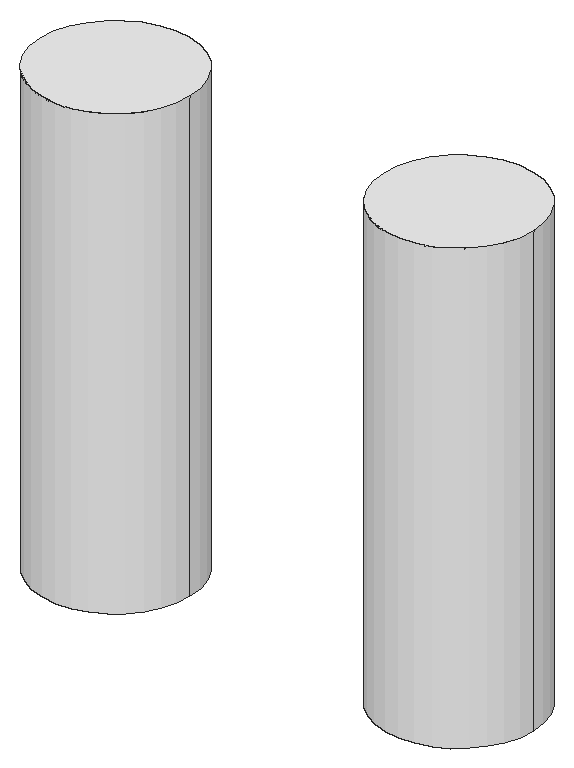
Revit family "46132009(2023)", category Plumbing Fixtures, Revit 2020
Family settings
  Round Connector Dimension = Use Diameter
  Part Type = Normal
  OmniClass Number = 23.45.55.00
  OmniClass Title = Sanitary Faucets, Wastes
  Work Plane-Based = No
  Always vertical = Yes
  Cut with Voids When Loaded = No
  Shared = No
  Room Calculation Point = No
Parameters (values of type "46132009 Kitchen faucet, 230/9 V, Bluetooth")
  Working Pressure = "50 - 1000 kPa"
  WarrantyStartDate [instance] = "n/a"
  WarrantyGuarantorParts = "n/a"
  WarrantyGuarantorLabor = "n/a"
  WarrantyDurationUnit = "Year"
  WarrantyDurationParts = "n/a"
  WarrantyDurationLabor = "n/a"
  WarrantyDescription = "http://warranty.hansa.com"
  Warranty Information URL = "http://warranty.hansa.com"
  VersionDate = "01/06/2023"
  Version = "1"
  ValvePattern = "n/a"
  ValveOperation = "n/a"
  ValveMechanism = "n/a"
  Uniclass2015Reference = "Pr_40_20_87_96"
  Uniclass2015Description = "Washbasin manual water supply sets"
  Uniclass2 = "Pr_40_30_96_96"
  URL WEEE = "http://static.hansa.com/WEEE/46132009"
  URL UWL = "http://static.hansa.com/UWL/46132009"
  URL REACH = "http://static.hansa.com/doc/reach"
  URL EcoLabel Declaration = "http://static.hansa.com/doc/EcoLabel"
  URL EU Packaging Declaration = "http://static.hansa.com/doc/packaging"
  URL Declaration of SCIP = "http://static.hansa.com/doc/SCIP"
  URL Declaration of Conformity = "http://static.hansa.com/DoC/46132009"
  URL Declaration of Asbestos = "http://static.hansa.com/doc/asbestos"
  URL Declaration Of Performance (DOP) = "http://static.hansa.com/doc/DoP"
  URL = ""
  UNSPSC Class Number = "30181700 Faucets or taps"
  TestPressure = "n/a"
  Temperature Adjustments = "Limitation option for maximum temperature and flow-rate "
  Technical DataSheet URL = "http://www.hansa.com/datasheet/46132009/en"
  TagNumber [instance] = "n/a"
  SustainabilityPerformance = "n/a"
  Surface treatment = "Chrome"
  Spout Type = "Swivel spout;Swivel range limiting option;Profile construction"
  Spout Swivel Range = "120° (80°/40°)"
  Spout Projection = "214 mm"
  Size = "55x255x185 mm"
  Shape = "Sculptured"
  SerialNumber [instance] = "n/a"
  Revision = "n/a"
  ReplacementCost = "n/a"
  Protection Class = "IP 55 / transformer IP 20"
  ProductInformation = "n/a"
  Product URL = "http://static.hansa.com/46132009"
  Product Image URL = "http://static.hansa.com/image/46132009"
  Product Family = "HANSACARE Hybrid"
  Product Code = "46132009"
  Pressure Loss With Flow 02ls = 195000.0 Pa
  OperatingMechanismMaterial = "n/a"
  Operating Voltage = 9 V
  NominalWidth = 53.956 mm
  NominalHeight = 183.495 mm
  NominalDepth = 253.96 mm
  Noise Class = "I (ISO 3822) "
  Name_en = "46132009 Kitchen faucet, 230/9 V, Bluetooth"
  Name = "46132009 Kitchen faucet, 230/9 V, Bluetooth"
  NBSReference = "45-35-70/371"
  NBSDescription = "Water supply fittings for wash basins and troughs"
  Mounting Holes = "1 hole"
  ModelReference = "46132009"
  ModelNumber = "n/a"
  Model = "46132009 Kitchen faucet, 230/9 V, Bluetooth"
  Mobile Product Information URL = "http://mpi.hansa.com/46132009"
  Mechanical Parts = "ø 40 mm ceramic cartridge for flow and temperature control"
  Max. Hot Water Supply = 70 °C
  Max Flow Period = "10 s(1 - 1800 s)"
  Material = "Brass"
  Market = "International;Germany;Austria;Switzerland;Belgium;Netherlands;Italy"
  ManufacturerURL = "http://www.hansa.com"
  ManufacturerName = "HANSA"
  Manufacturer = "HANSA"
  Long Marketing = "Care  Hybrid series is giving you a whole new modern design to fit into any kitchen. Lever can easily be moved by using the backside of the hand and with our intelligent touchless functions build into same faucet it also supports hygiene operation without any touch needed."
  Lever Handle = "Single operating lever/handle;Hot/Cold symbols"
  Interactive AR View URL = "https://static.hansa.com/AR/46132009"
  InstallationDate [instance] = "n/a"
  Installation and Maintenance Guide URL = "http://static.hansa.com/manual/46132009"
  Installation Type = "Deck mounted"
  InletConnectionSize = 10 mm
  IfcExportType = "FAUCET"  # constant formula
  IfcExportAs = "IfcValveType"  # constant formula
  Group = "Kitchen faucet"
  Grade = "n/a"
  FlowCoefficient = 0
  Flow Rate At 300kPa = 0.02 L/s
  Flow Drawing URL = "http://static.hansa.com/flowchart/46132009"
  Finish = "Polished"
  Features = "Hybrid;Bluetooth®"
  FaucetMainMaterial = Brass
  FDV Document URL = "http://www.hansa.com/datasheet/46132009/en/fdv"
  ExpectedLife = "n/a"
  Electronic Parts = ";Solenoid valve;Power supply"
  Electrical Connection = "230 / 9 V"
  ETIM Class Number = "EC011431 Kitchen mixing tap"
  EN Standard = "EN 817, EN 15091"
  EMC Directive = "2014/53/EU , 2011/65/EU"
  EAN Number = "4057304019661"
  DurationUnit = "Year"
  Dimension Drawing URL = "http://static.hansa.com/dimdrw/46132009"
  Description = ""
  DefaultElevation [instance] = 900 mm
  Default Elevation = 0 mm
  Constituents = "n/a"
  Connection Size = "G3/8"
  Connection = "Flexible inlet pipes"
  Color = "Chrome"
  CodePerformance = "n/a"
  CloseOffRating = 0
  Catalog Drawing URL = "http://static.hansa.com/catdrw/46132009"
  Brand = "HANSA"
  BodyMaterial = "Brass"
  Bluetooth = "5.x (D060576)"
  Barcode [instance] = "n/a"
  Backflow Prevention EN1717 = "AA"
  BIMObjectName = "46132009(2023)"
  Automatic Flush Period = "30 s (1-1800 s)"
  Automatic Flush Frequency = "off (off/1-120 h)"
  Author = "BIMStone"
  AssetType = "Fixed"
  AssetIdentifier [instance] = "n/a"
  Aerator = "Laminar stream"
  Advanced Features = "Inner body made of DZR brass;3S-installation system for safe and simple mounting"
  AccessibilityPerformance = "n/a"
  3D View = "https://static.hansa.com/AR/46132009"
  2D/3D/BIM Files URL = "http://static.hansa.com/bim/46132009"
Reference planes
  plane 1 "Center (Front/Back)": y = 0
  plane 2: z = 0
  plane 3 "Center (Left/Right)": x = 0
  plane 4: x = -26.978
  plane 5: z = 1083.495
  plane 6: z = 900
  plane 7: z = 870
  plane 8: y = -253.96
  plane 9: x = 26.978
Forms (mm)
  Extrusion 1, solid, material "Brass" <- "FaucetMainMaterial"
    sketch origin (0, -2.278, 0) x (1, 0, 0) y (0, 1, 0)
      loop
        circle (-11.5, -22.5) r 5
      loop
        circle (11.5, -22.5) r 5
    from 870 to 900
Dimensions and locks
  "NominalHeight": plane 5 to plane 6
  "DefaultElevation": plane 6 to level
  locked: plane 6 to plane 7 at 30
  "NominalDepth": plane 8 to plane 1 "Center (Front/Back)"
  equal spacing: plane 4, plane 3 "Center (Left/Right)", plane 9
  "NominalWidth": plane 4 to plane 9
  "InletConnectionSize": diameter of Extrusion 1 sketch curve  (x2)
  aligned and locked: level to plane 2
  aligned and locked: plane 6 to Extrusion 1
  aligned and locked: Extrusion 1 to plane 7
  aligned and locked: nested 2 to plane 6
Automatic sketch dimensions
  Extrusion 1 sketch curve to plane 3 "Center (Left/Right)" = 11.5 mm
  plane 3 "Center (Left/Right)" to Extrusion 1 sketch curve = 11.5 mm
  plane 1 "Center (Front/Back)" to Extrusion 1 sketch curve = 24.778 mm
  Extrusion 1 sketch curve to Extrusion 1 sketch curve = 0 mm
Nested families
  nested 1: "Symbol" at (0, 0, 0), type "Symbol", detail levels coarse
  nested 2: "46132009(2023)_Body" at (0, 0, 900), type "46132009(2023)_Body"
Connectors
  piping at (-11.5, -24.778, 870), diameter 10, driven by "InletConnectionSize"
    settings: on Extrusion 1, index 1, connector inside diameter 609.6 mm, connector length 0 mm, flow factor 0, pipe flow 0.2 L/s, pressure drop 0.0 Pa, fitting loss kfactor 0, connector angle 0.00°, fixture units 0, engagement length 0 mm, angle of deflection 0.00°, flow configuration 1, flow direction 1, fitting loss method 0, system type 19, joint type 0, gender type 0, connector reference index -1, connector utility 0, adjustable connector no, is connector primary yes, connector description ""
  piping at (11.5, -24.778, 870), diameter 10, driven by "InletConnectionSize"
    settings: on Extrusion 1, index 2, connector inside diameter 609.6 mm, connector length 0 mm, flow factor 0, pipe flow 0.2 L/s, pressure drop 0.0 Pa, fitting loss kfactor 0, connector angle 0.00°, fixture units 0, engagement length 0 mm, angle of deflection 0.00°, flow configuration 1, flow direction 1, fitting loss method 0, system type 20, joint type 0, gender type 0, connector reference index -1, connector utility 0, adjustable connector no, is connector primary no, connector description ""
Definition of nested family "Symbol"
  Reference planes
    plane 1: y = 0
    plane 2: x = 0
  Lines and regions (mm)
    detail lines
      curve 1: line (0, 0, 0) -> (0, -1.8, 0)
      curve 2: line (-0.4, -1.1, 0) -> (0.4, -1.1, 0)
      curve 3: line (-0.4, -1.4, 0) -> (0.4, -1.4, 0)
      curve 4: line (0.863, 0, 0) -> (-0.863, 0, 0)
      curve 5: circle (-1.163, 0, 0) r 0.3 normal (0, 0, -1)
      curve 6: circle (1.163, 0, 0) r 0.3 normal (0, 0, 1)
Definition of nested family "46132009(2023)_Body"
  Parameters (values of type "5730FZ(2023)_Body")
    Material [instance] = none
    Default Elevation = 0 mm
  Reference planes
    plane 1 "Center (Front/Back)": y = 0
    plane 2: z = 0
    plane 3 "Center (Left/Right)": x = 0
    plane 4: y = -253.96
    plane 5: z = 183.495
    plane 6: x = -26.978
    plane 7: x = 26.978
  Forms (mm)
    Extrusion 1, solid, material <- "Material", detail levels coarse
      sketch origin (0, 0, 0) x (1, 0, 0) y (0, 1, 0)
        loop
          line (-26.978, 0) -> (-26.978, -253.96) -> (26.978, -253.96) -> (26.978, 0) -> (-26.978, 0)
      from 0 to 183.495
    Revolve 2, solid, material <- "Material", detail levels medium
      sketch origin (0, 0, 0) x (0, 1, 0) y (0, 0, 1)
        loop
          line (-26.864, 0) -> (0, 0) -> (-0.372, 87.173)
          arc (-0.372, 87.173) -> (-0.769, 100.685) -> (-1.847, 114.16) r 268.569
          arc (-1.847, 114.16) -> (-3.879, 119.546) -> (-8.288, 123.248) r 11.376
          line (-8.288, 123.248) -> (-1.82, 123.248)
          arc (-1.82, 123.248) -> (-4.138, 145.857) -> (-11.634, 167.313) r 97.354
          line (-11.634, 167.313) -> (-26.864, 167.313) -> (-26.864, 0)
        axis (-26.864, 167.313) -> (-26.864, 0)
      angle from 0 to 360
    Extrusion 3, void
      sketch origin (0, 0, 0) x (0, 1, 0) y (0, 0, 1)
        loop
          arc (-24.629, 156.082) -> (-11.729, 152.07) -> (0, 145.366) r 62.175
          line (0, 145.366) -> (0, 183.495) -> (-55.928, 183.495) -> (-55.928, 160.044)
          arc (-55.928, 160.044) -> (-40.212, 158.586) -> (-24.629, 156.082) r 236.248
      from -26.978 to 26.978
    Extrusion 4, solid, material <- "Material", detail levels medium
      sketch origin (0, 0, 0) x (0, 1, 0) y (0, 0, 1)
        loop
          arc (-55.928, 160.044) -> (-80.334, 161.701) -> (-104.707, 163.786) r 1398.301
          arc (-104.707, 163.786) -> (-114.22, 165.695) -> (-123.133, 169.528) r 46.718
          arc (-123.133, 169.528) -> (-128.218, 172.581) -> (-133.108, 175.939) r 97.193
          arc (-133.108, 175.939) -> (-133.918, 176.151) -> (-134.653, 175.752) r 1.139
          line (-134.653, 175.752) -> (-135.159, 175.15)
          arc (-135.159, 175.15) -> (-135.746, 173.289) -> (-134.845, 171.558) r 2.549
          arc (-134.845, 171.558) -> (-126.657, 165.707) -> (-117.662, 161.194) r 64.826
          arc (-117.662, 161.194) -> (-113.163, 159.611) -> (-108.531, 158.475) r 48.715
          arc (-108.531, 158.475) -> (-69.508, 152.791) -> (-30.125, 150.779) r 421.461
          line (-30.125, 150.779) -> (-30.125, 157.088)
          arc (-30.125, 157.088) -> (-42.986, 158.92) -> (-55.928, 160.044) r 236.248
      from -18.979 to 19
    Extrusion 5, solid, material <- "Material", detail levels medium
      sketch origin (0, 0, 0) x (0, 1, 0) y (0, 0, 1)
        loop
          line (-200.966, 145.976) -> (-35.306, 46.437) -> (-35.306, 86.385)
          arc (-35.306, 86.385) -> (-54.335, 86.132) -> (-72.361, 92.234) r 56.294
          line (-72.361, 92.234) -> (-194.277, 165.488)
          arc (-194.277, 165.488) -> (-204.696, 171.061) -> (-215.62, 175.566) r 118.322
          line (-215.62, 175.566) -> (-245.081, 183.396)
          arc (-245.081, 183.396) -> (-247.33, 183.098) -> (-248.714, 181.3) r 2.974
          line (-248.714, 181.3) -> (-253.941, 162.039)
          arc (-253.941, 162.039) -> (-253.892, 161.658) -> (-253.588, 161.425) r 0.5
          line (-253.588, 161.425) -> (-225.567, 153.917)
          arc (-225.567, 153.917) -> (-225.188, 153.967) -> (-224.955, 154.27) r 0.5
          line (-224.955, 154.27) -> (-224.688, 155.266)
          arc (-224.688, 155.266) -> (-223.673, 156.515) -> (-222.065, 156.589) r 1.969
          arc (-222.065, 156.589) -> (-211.274, 151.762) -> (-200.966, 145.976) r 130.15
      from -15 to 15
    Extrusion 6, solid, material <- "Material", detail levels medium
      sketch origin (0, -226.526, 154.174) x (0, 0.965926, -0.258819) y (1, 0, 0)
        loop
          circle (-13.404, 0) r 12
      from 0 to 4.105
    Extrusion 7, solid, detail levels medium
      sketch origin (0, 0, 0) x (1, 0, 0) y (0, 0, 1)
        loop
          arc (-1.011, 36.649) -> (-5.356, 34.741) -> (-7.142, 30.344) r 6.307
          line (-7.142, 30.344) -> (-7.142, 17.888)
          arc (-7.142, 17.888) -> (-5.333, 13.467) -> (-0.943, 11.583) r 6.306
          line (-0.943, 11.583) -> (0.943, 11.583)
          arc (0.943, 11.583) -> (5.332, 13.468) -> (7.14, 17.888) r 6.306
          line (7.14, 17.888) -> (7.14, 30.344)
          arc (7.14, 30.344) -> (5.407, 34.791) -> (1.011, 36.649) r 6.132
          line (1.011, 36.649) -> (-1.011, 36.649)
      from 50.554 to 54.562
  Cuts and joins
    Extrusion 3 cuts Revolve 2
    joined: Revolve 2, Extrusion 4, Extrusion 5, Extrusion 6
  Lines and regions (mm)
    symbolic lines, detail levels medium+fine
      curve 1: line (0, 0, 0) -> (0, -0.372, 87.173)
      curve 2: arc (0, -0.372, 87.173) -> (0, -0.769, 100.685) -> (0, -1.847, 114.16) r 268.569
      curve 3: arc (0, -1.847, 114.16) -> (0, -1.977, 114.408) -> (0, -2.241, 114.5) r 0.381
      curve 4: line (0, -2.241, 114.5) -> (0, -2.84, 114.5)
      curve 5: arc (0, -8.288, 123.248) -> (0, -5.236, 119.222) -> (0, -2.594, 114.915) r 51.312
      curve 6: arc (0, -2.594, 114.915) -> (0, -2.599, 114.638) -> (0, -2.84, 114.5) r 0.281
      curve 7: line (0, -8.288, 123.248) -> (0, -2.3, 123.248)
      curve 8: arc (0, -4.528, 147.539) -> (0, -2.436, 135.717) -> (0, -1.814, 123.728) r 97.354
      curve 9: arc (0, -1.814, 123.728) -> (0, -1.958, 123.388) -> (0, -2.3, 123.248) r 0.485
      curve 10: arc (0, -5.629, 149.007) -> (0, -4.927, 148.387) -> (0, -4.528, 147.539) r 2.319
      curve 11: arc (0, -24.629, 156.082) -> (0, -14.839, 153.324) -> (0, -5.629, 149.007) r 62.175
      curve 12: arc (0, -55.928, 160.044) -> (0, -40.212, 158.586) -> (0, -24.629, 156.082) r 236.248
      curve 13: arc (0, -104.707, 163.786) -> (0, -80.334, 161.701) -> (0, -55.928, 160.044) r 1398.301
      curve 14: arc (0, -123.133, 169.528) -> (0, -114.22, 165.695) -> (0, -104.707, 163.786) r 46.718
      curve 15: arc (0, -133.108, 175.939) -> (0, -128.218, 172.581) -> (0, -123.133, 169.528) r 97.193
      curve 16: line (0, -134.653, 175.752) -> (0, -135.159, 175.15)
      curve 17: arc (0, -134.653, 175.752) -> (0, -133.918, 176.151) -> (0, -133.108, 175.939) r 1.139
      curve 18: arc (0, -135.159, 175.15) -> (0, -135.746, 173.289) -> (0, -134.845, 171.558) r 2.549
      curve 19: arc (0, -134.845, 171.558) -> (0, -126.657, 165.707) -> (0, -117.662, 161.194) r 64.826
      curve 20: arc (0, -117.662, 161.194) -> (0, -113.163, 159.611) -> (0, -108.531, 158.475) r 48.715
      curve 21: arc (0, -108.531, 158.475) -> (0, -82.179, 154.229) -> (0, -55.611, 151.658) r 421.461
      curve 22: line (0, -49.963, 145.157) -> (0, -51.962, 118.732)
      curve 23: line (0, -49.186, 118.16) -> (0, -51.431, 118.16)
      curve 24: line (0, -51.135, 114.915) -> (0, -49.186, 118.16)
      curve 25: line (0, -51.498, 114.5) -> (0, -50.9, 114.5)
      curve 26: arc (0, -50.9, 114.5) -> (0, -51.139, 114.639) -> (0, -51.135, 114.915) r 0.274
      curve 27: arc (0, -55.611, 151.658) -> (0, -51.43, 149.586) -> (0, -49.963, 145.157) r 6.057
      curve 28: arc (0, -51.962, 118.732) -> (0, -51.821, 118.33) -> (0, -51.431, 118.16) r 0.532
      curve 29: line (0, 0, 0) -> (0, -53.728, 0)
      curve 30: line (0, -53.728, 0) -> (0, -53.483, 57.359)
      curve 31: arc (0, -53.356, 87.173) -> (0, -52.959, 100.682) -> (0, -51.882, 114.155) r 268.569
      curve 32: arc (0, -51.882, 114.155) -> (0, -51.756, 114.401) -> (0, -51.498, 114.5) r 0.386
      curve 33: line (0, -72.361, 92.234) -> (0, -197.944, 167.691)
      curve 34: line (0, -218.114, 176.229) -> (0, -245.081, 183.396)
      curve 35: line (0, -248.714, 181.3) -> (0, -253.953, 161.995)
      curve 36: arc (0, -245.081, 183.396) -> (0, -247.33, 183.098) -> (0, -248.714, 181.3) r 2.974
      curve 37: line (0, -253.632, 161.437) -> (0, -251.081, 160.753)
      curve 38: arc (0, -253.953, 161.995) -> (0, -253.908, 161.649) -> (0, -253.632, 161.437) r 0.454
      curve 39: line (0, -251.973, 157.422) -> (0, -251.081, 160.753)
      curve 40: line (0, -228.773, 151.254) -> (0, -227.893, 154.54)
      curve 41: line (0, -228.773, 151.254) -> (0, -230.168, 150.88)
      curve 42: line (0, -230.168, 150.88) -> (0, -251.072, 156.521)
      curve 43: line (0, -251.973, 157.422) -> (0, -251.072, 156.521)
      curve 44: line (0, -227.893, 154.54) -> (0, -225.838, 153.989)
      curve 45: line (0, -224.986, 154.154) -> (0, -224.688, 155.266)
      curve 46: line (0, -225.377, 154.259) -> (0, -224.986, 154.154)
      curve 47: arc (0, -225.838, 153.989) -> (0, -225.551, 154.028) -> (0, -225.377, 154.259) r 0.376
      curve 48: arc (0, -224.688, 155.266) -> (0, -223.673, 156.515) -> (0, -222.065, 156.589) r 1.969
      curve 49: arc (0, -222.065, 156.589) -> (0, -211.274, 151.762) -> (0, -200.966, 145.976) r 130.15
      curve 50: line (0, -200.966, 145.976) -> (0, -53.483, 57.359)
      curve 51: line (0, -53.361, 85.987) -> (0, -53.356, 87.173)
      curve 66: line (-26.978, 0, 0) -> (-26.547, 0, 87.353)
      curve 67: arc (-26.547, 0, 87.353) -> (-26.138, 0, 100.755) -> (-25.043, 0, 114.118) r 261.88
      curve 68: arc (-25.043, 0, 114.118) -> (-24.907, 0, 114.388) -> (-24.627, 0, 114.5) r 0.428
      curve 69: line (-24.627, 0, 114.5) -> (-23.998, 0, 114.5)
      curve 70: arc (-24.266, 0, 114.945) -> (-23.338, 0, 116.589) -> (-22.322, 0, 118.18) r 34.562
      curve 71: arc (-23.998, 0, 114.5) -> (-24.257, 0, 114.647) -> (-24.266, 0, 114.945) r 0.303
      curve 72: line (-22.322, 0, 118.18) -> (-23.991, 0, 118.18)
      curve 73: arc (-24.714, 0, 118.954) -> (-22.57, 0, 138.142) -> (-18.757, 0, 157.07) r 220.672
      curve 74: arc (-23.991, 0, 118.18) -> (-24.521, 0, 118.41) -> (-24.714, 0, 118.954) r 0.725
      curve 75: arc (-18.757, 0, 157.07) -> (-18.155, 0, 159.047) -> (-17.35, 0, 160.951) r 19.649
      curve 76: arc (-17.35, 0, 160.951) -> (-16.559, 0, 163.051) -> (-16.168, 0, 165.261) r 12.126
      curve 77: arc (-16.168, 0, 165.261) -> (-15.935, 0, 167.545) -> (-15.617, 0, 169.819) r 60.468
      curve 78: arc (-15.617, 0, 169.819) -> (-15.443, 0, 170.588) -> (-15.174, 0, 171.329) r 6.207
      curve 79: line (-15.174, 0, 171.329) -> (-15.004, 0, 177.489)
      curve 80: arc (-12.021, 0, 181.525) -> (0.134, 0, 183.495) -> (12.273, 0, 181.431) r 37.59
      curve 81: arc (-15.004, 0, 177.489) -> (-14.147, 0, 179.976) -> (-12.021, 0, 181.525) r 4.387
      curve 82: line (-26.978, 0, 0) -> (26.978, 0, 0)
      curve 83: line (26.978, 0, 0) -> (26.547, 0, 87.353)
      curve 84: arc (26.547, 0, 87.353) -> (26.138, 0, 100.757) -> (25.043, 0, 114.123) r 261.88
      curve 85: arc (24.266, 0, 114.945) -> (23.338, 0, 116.589) -> (22.322, 0, 118.18) r 34.562
      curve 86: line (22.322, 0, 118.18) -> (23.991, 0, 118.18)
      curve 87: arc (24.714, 0, 118.954) -> (22.57, 0, 138.142) -> (18.757, 0, 157.07) r 220.672
      curve 88: arc (23.991, 0, 118.18) -> (24.521, 0, 118.41) -> (24.714, 0, 118.954) r 0.725
      curve 89: arc (18.757, 0, 157.07) -> (18.155, 0, 159.047) -> (17.35, 0, 160.951) r 19.649
      curve 90: arc (17.35, 0, 160.951) -> (16.559, 0, 163.051) -> (16.168, 0, 165.261) r 12.126
      curve 91: arc (16.168, 0, 165.261) -> (15.935, 0, 167.545) -> (15.617, 0, 169.819) r 60.468
      curve 92: arc (15.617, 0, 169.819) -> (15.443, 0, 170.588) -> (15.174, 0, 171.329) r 6.207
      curve 93: line (15.174, 0, 171.329) -> (15.004, 0, 177.489)
      curve 94: arc (15.004, 0, 177.489) -> (14.225, 0, 179.866) -> (12.273, 0, 181.431) r 4.387
      curve 95: line (24.623, 0, 114.5) -> (23.998, 0, 114.5)
      curve 96: arc (25.043, 0, 114.123) -> (24.905, 0, 114.392) -> (24.623, 0, 114.5) r 0.422
      curve 97: arc (23.998, 0, 114.5) -> (24.257, 0, 114.647) -> (24.266, 0, 114.945) r 0.303
      curve 114: arc (19.507, -45.635, 0) -> (0, -0.022, 0) -> (-19.507, -45.635, 0) r 26.978
      curve 117: arc (-15.663, -127.355, 0) -> (-15.517, -128.413, 0) -> (-15.234, -129.443, 0) r 8.17
      curve 118: arc (19.507, -45.635, 0) -> (18.088, -86.519, 0) -> (15.663, -127.355, 0) r 1662.92
      curve 119: arc (15.663, -127.355, 0) -> (15.517, -128.413, 0) -> (15.234, -129.443, 0) r 8.17
      curve 120: line (-15.234, -129.443, 0) -> (-15.234, -238.721, 0)
      curve 121: line (15.234, -129.443, 0) -> (15.234, -238.721, 0)
      curve 122: arc (-15.234, -238.721, 0) -> (0, -253.955, 0) -> (15.234, -238.721, 0) r 15.234
      curve 125: arc (-19.507, -45.635, 0) -> (-18.088, -86.519, 0) -> (-15.663, -127.355, 0) r 1662.92
      curve 134: arc (0, -53.361, 85.987) -> (0, -63.211, 88.045) -> (0, -72.361, 92.234) r 45.136
      curve 135: arc (0, -197.944, 167.691) -> (0, -207.728, 172.67) -> (0, -218.114, 176.229) r 78.12
    symbolic lines, detail levels fine
      curve 52: arc (0, -53.483, 57.359) -> (0, -50.397, 61.236) -> (0, -48.91, 65.961) r 13.561
      curve 53: arc (0, -49.657, 83.195) -> (0, -48.572, 74.609) -> (0, -48.91, 65.961) r 52.634
      curve 54: arc (0, -53.361, 85.987) -> (0, -50.986, 85.285) -> (0, -49.657, 83.195) r 3.529
      curve 55: line (0, -2.84, 114.5) -> (0, -50.9, 114.5)
      curve 56: line (0, -49.186, 118.16) -> (0, -32.66, 118.16)
      curve 57: line (0, -8.288, 123.248) -> (0, -14.47, 123.248)
      curve 58: arc (0, -14.47, 123.248) -> (0, -19.263, 122.609) -> (0, -23.722, 120.736) r 18.292
      curve 59: arc (0, -32.66, 118.16) -> (0, -28.009, 118.817) -> (0, -23.722, 120.736) r 16.796
      curve 60: line (0, -227.893, 154.54) -> (0, -251.081, 160.753)
      curve 61: line (0, -228.773, 151.254) -> (0, -251.973, 157.422)
      curve 62: line (0, -0.394, 89.645) -> (0, -53.334, 89.645)
      curve 63: line (0, -0.372, 87.173) -> (0, -53.356, 87.173)
      curve 64: line (0, -53.546, 42.685) -> (0, -0.182, 42.685)
      curve 65: line (0, -53.551, 41.404) -> (0, -0.176, 41.404)
      curve 98: line (-15.174, 0, 171.329) -> (-15.174, 0, 79.566)
      curve 99: line (-5.657, 0, 56.584) -> (5.657, 0, 56.584)
      curve 100: line (15.174, 0, 171.329) -> (15.174, 0, 79.566)
      curve 101: arc (-15.174, 0, 79.566) -> (-15.313, 0, 74.489) -> (-15.729, 0, 69.428) r 92.745
      curve 102: arc (-15.729, 0, 69.428) -> (-13.313, 0, 60.952) -> (-5.657, 0, 56.584) r 11.669
      curve 103: arc (15.174, 0, 79.566) -> (15.313, 0, 74.489) -> (15.729, 0, 69.428) r 92.745
      curve 104: arc (15.729, 0, 69.428) -> (13.313, 0, 60.952) -> (5.657, 0, 56.584) r 11.669
      curve 105: spline (10.81, 0, 153.708) -> (10.442, 0, 154.438) -> (9.362, 0, 155.119) -> (7.644, 0, 155.703) -> (5.405, 0, 156.151) -> (2.798, 0, 156.433) -> (0, 0, 156.529) -> (-2.798, 0, 156.433) -> (-5.405, 0, 156.151) -> (-7.644, 0, 155.703) -> (-9.362, 0, 155.119) -> (-10.442, 0, 154.438) -> (-10.81, 0, 153.708) -> (-10.442, 0, 152.978) -> (-9.362, 0, 152.297) -> (-7.644, 0, 151.713) -> (-5.405, 0, 151.265) -> (-2.798, 0, 150.983) -> (0, 0, 150.887) -> (2.798, 0, 150.983) -> (5.405, 0, 151.265) -> (7.644, 0, 151.713) -> (9.362, 0, 152.297) -> (10.442, 0, 152.978) -> (10.81, 0, 153.708)
      curve 106: spline (11.007, 0, 155.077) -> (14.035, 0, 156.413) -> (14.995, 0, 157.962) -> (13.745, 0, 159.495) -> (10.47, 0, 160.787) -> (5.651, 0, 161.647) -> (0, 0, 161.949) -> (-5.651, 0, 161.647) -> (-10.47, 0, 160.787) -> (-13.745, 0, 159.495) -> (-14.995, 0, 157.962) -> (-14.035, 0, 156.413) -> (-11.007, 0, 155.077)
      curve 107: line (-11.007, 0, 158.935) -> (-11.007, 0, 153.108)
      curve 108: line (11.007, 0, 158.952) -> (11.007, 0, 153.108)
      curve 109: arc (-11.007, 0, 158.935) -> (-0.001, 0, 160.789) -> (11.007, 0, 158.952) r 33.746
      curve 110: arc (-11.007, 0, 153.108) -> (-10.323, 0, 152.744) -> (-9.619, 0, 152.421) r 12.811
      curve 111: arc (11.007, 0, 153.108) -> (10.323, 0, 152.744) -> (9.619, 0, 152.421) r 12.811
      curve 112: line (-15, 0, 157.857) -> (-15.174, 0, 162.828)
      curve 113: line (15, 0, 157.857) -> (15.174, 0, 162.828)
      curve 115: arc (-19.889, -19.296, 0) -> (-19.75, -32.466, 0) -> (-19.507, -45.635, 0) r 1662.92
      curve 116: arc (-9.311, -134.74, 0) -> (-0.006, -135.78, 0) -> (9.301, -134.754, 0) r 42.447
      curve 123: arc (-15.234, -129.443, 0) -> (-12.96, -132.86, 0) -> (-9.311, -134.74, 0) r 8.17
      curve 124: arc (15.234, -129.443, 0) -> (12.955, -132.864, 0) -> (9.298, -134.743, 0) r 8.17
      curve 126: arc (19.889, -19.296, 0) -> (19.75, -32.466, 0) -> (19.507, -45.635, 0) r 1662.92
      curve 127: arc (-12.217, -6.726, 0) -> (-17.842, -11.919, 0) -> (-19.889, -19.296, 0) r 13.983
      curve 128: arc (12.217, -6.726, 0) -> (17.842, -11.919, 0) -> (19.889, -19.296, 0) r 13.983
      curve 129: arc (12.217, -6.726, 0) -> (0, -3.812, 0) -> (-12.217, -6.726, 0) r 27.07
      curve 130: line (-23.998, 0, 114.5) -> (-15.174, 0, 114.5)
      curve 131: line (-22.322, 0, 118.18) -> (-15.174, 0, 118.18)
      curve 132: line (23.998, 0, 114.5) -> (15.174, 0, 114.5)
      curve 133: line (22.322, 0, 118.18) -> (15.174, 0, 118.18)
      curve 136: line (-7.142, 0, 30.344) -> (-7.142, 0, 17.888)
      curve 137: arc (-7.142, 0, 17.888) -> (-5.333, 0, 13.467) -> (-0.943, 0, 11.583) r 6.306
      curve 138: line (-0.943, 0, 11.583) -> (0.943, 0, 11.583)
      curve 139: arc (0.943, 0, 11.583) -> (5.332, 0, 13.468) -> (7.14, 0, 17.888) r 6.306
      curve 140: line (7.14, 0, 17.888) -> (7.14, 0, 30.344)
      curve 141: arc (7.14, 0, 30.344) -> (5.407, 0, 34.791) -> (1.011, 0, 36.649) r 6.132
      curve 142: line (1.011, 0, 36.649) -> (-1.011, 0, 36.649)
      curve 143: arc (-1.011, 0, 36.649) -> (-5.356, 0, 34.741) -> (-7.142, 0, 30.344) r 6.307
  Dimensions and locks
    aligned and locked: level to plane 2
